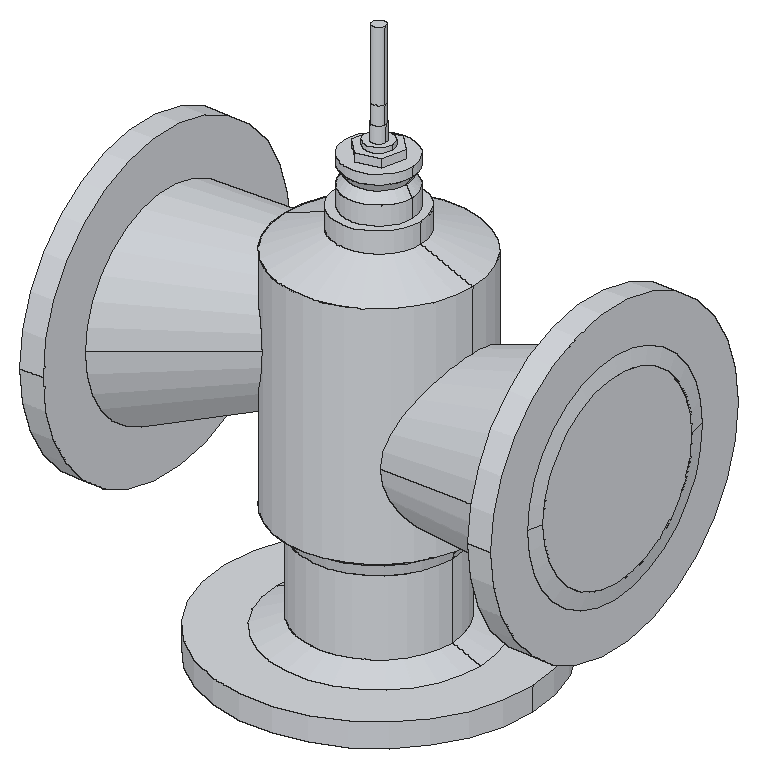
Revit family "3FGB_PN16_DN080_RFA_2019", category Pipe Accessories, Revit 2019
Family settings
  Round Connector Dimension = Use Diameter
  Part Type = Valve - Breaks Into
  Work Plane-Based = No
  Always vertical = Yes
  Cut with Voids When Loaded = No
  Shared = No
Parameters (values of type "3FGB PN16 DN080")
  magiProductId = ""
  magiProductFamilyId = ""
  magiPartTypeId = 320
  isMeasuringValve [instance] = no
  ang2D [instance] = 0.00°
  Z9 = 4.2 mm
  Z8 = 5.7 mm
  Z7 = 3 mm
  Z6 = 6 mm
  Z5 = 6 mm
  Z4 = 12 mm
  Z3 = 148.6 mm
  Z19 = 9.9 mm
  Z18 = 29.25 mm
  Z17 = 4.5 mm
  Z16 = 11.25 mm
  Z15 = 36.75 mm
  Z14__ve = -Z14  # -13.125 mm
  Z14 = 13.125 mm
  Z13 = 6.985 mm
  Z12 = 48.895 mm
  Z11 = 64 mm
  Z10 = 5.1 mm
  Y1 = 55.08 mm
  X4 = 15.3 mm
  X3 = 24.48 mm
  X2__ve = -X2  # -15.3 mm
  X2 = 15.3 mm
  X1 = 2 mm
  W2D = 80 mm
  VersionID = ""
  Use Minimum Symbol Size [instance] = no
  URL = "www.hydronix.cz"
  Type Comments = "Přírubový; EQM charakteristika ve směru A-AB; PN16; -10~+150°C"
  R9 = 4 mm
  R8 = 6.692 mm
  R7 = 8.923 mm
  R6 = 14.872 mm
  R5 = 17.626 mm
  R4 = 22.032 mm
  R3 = 27.54 mm
  R2 = 49.875 mm
  R13 = 47.88 mm
  R12 = 4.685 mm
  R11 = 9.034 mm
  R10 = 6.023 mm
  R1 = 39.9 mm
  QmdConnectorList = "301;D;302;D;303;D"
  Productdata [instance] = ""
  N = 4
  Manufacturer = "Hydronix"
  Maintenance Zone Under Depth [instance] = 187 mm
  Maintenance Zone Right Depth [instance] = 155 mm
  Maintenance Zone Over Depth [instance] = 210 mm
  Maintenance Zone Left Depth [instance] = 155 mm
  Maintenance Zone Front Depth [instance] = 100 mm
  Maintenance Zone Back Depth [instance] = 100 mm
  Maintenance Zone Front Visibility [instance] = no
  MT = 2
  MC Product Code = "3FGB80 (DN80; PN16; kvs100)"
  MC = yes
  LT2 = 155 mm
  L2D_Min = 30.48 mm
  L2D = 310 mm
  L = 310 mm
  HD = 18 mm
  HCDT2 = 66.5 mm
  HCD = 160 mm
  H4 = 155 mm
  H3 = 105 mm
  H2 = 45 mm
  H1 = 165 mm
  FDT2 = 100 mm
  FD = 200 mm
  Description = "3 cestný regulační ventil přírubový; DN80; PN16; kvs100; zdvih 45mm"
  DT2 = 40 mm
  D4 = 60.35 mm
  D3 = 71 mm
  D2 = 61.2 mm
  D = 80 mm
  CenSd_R6_6 = R6 * cos(30.00°)  # 12.879 mm
  Clearance Zone Height Depth [instance] = 210 mm
  Clearance Zone Circular Radius [instance] = 155 mm
  Clearance Zone Visibility [instance] = no
  CAT0 = yes
  CAT = no
  Assembly Code = ""
  A1 = 118.88 mm
Types (5, lengths in mm): name | Z9 | Z8 | Z6 | Z5 | Z4 | Z3 | Z19 | Z18 | Z17 | Z16 | Z15 | Z14__ve | Z14 | Z13 | Z12 | Z11 | Z10 | Y1 | X4 | X3 | X2__ve | X2 | W2D | R8 | R7 | R6 | R5 | R4 | R3 | R2 | R13 | R12 | R11 | R10 | R1 | N | Maintenance Zone Under Depth | Maintenance Zone Right Depth | Maintenance Zone Over Depth | Maintenance Zone Left Depth | Maintenance Zone Front Depth | Maintenance Zone Back Depth | MC Product Code | LT2 | L2D | L | HD | HCDT2 | HCD | H4 | H3 | H2 | H1 | FDT2 | FD | Description | DT2 | D4 | D3 | D2 | D | CenSd_R6_6 | Clearance Zone Height Depth | Clearance Zone Circular Radius | A1
  3FGB PN16 DN100 | 4.165 | 5.602 | 5.95 | 5.95 | 11.9 | 166.225 | 9.767 | 29.25 | 4.5 | 11.25 | 40.775 | -14.562 | 14.562 | 7.885 | 55.195 | 72 | 5.082 | 62.28 | 17.3 | 27.68 | -17.3 | 17.3 | 100 | 7.567 | 10.089 | 16.816 | 19.93 | 24.912 | 31.14 | 57.375 | 55.08 | 5.297 | 10.215 | 6.81 | 45.9 | 8 | 207 | 175 | 221 | 175 | 110 | 110 | "3FGB100 (DN100; PN16; kvs130)" | 175 | 350 | 350 | 18 | 76.5 | 180 | 175 | 116.5 | 45 | 176 | 110 | 220 | "3 cestný regulační ventil přírubový; DN100; PN16; kvs130; zdvih 45mm" | 50 | 68.85 | 81 | 69.2 | 100 | 14.563 | 221 | 175 | 132.98
  3FGB PN16 DN125 | 4.2 | 5.7 | 6 | 6 | 12 | 194.35 | 9.9 | 29.25 | 4.5 | 11.25 | 48.65 | -17.375 | 17.375 | 9.01 | 63.07 | 84 | 5.1 | 71.28 | 19.8 | 31.68 | -19.8 | 19.8 | 125 | 8.661 | 11.547 | 19.246 | 22.81 | 28.512 | 35.64 | 68.625 | 65.88 | 6.062 | 11.692 | 7.794 | 54.9 | 8 | 234 | 200 | 244 | 200 | 125 | 125 | "3FGB125 (DN125; PN16; kvs200)" | 200 | 400 | 400 | 18 | 91.5 | 210 | 200 | 139 | 45 | 199 | 125 | 250 | "3 cestný regulační ventil přírubový; DN125; PN16; kvs200; zdvih 45mm" | 62.5 | 81.6 | 96 | 79.2 | 125 | 16.667 | 244 | 200 | 155.48
  3FGB PN16 DN150 | 4.2 | 5.7 | 6 | 6 | 12 | 225.85 | 9.9 | 29.25 | 4.5 | 11.25 | 54.95 | -19.625 | 19.625 | 10.81 | 75.67 | 96 | 5.1 | 85.68 | 23.8 | 38.08 | -23.8 | 23.8 | 150 | 10.41 | 13.88 | 23.134 | 27.418 | 34.272 | 42.84 | 77.625 | 74.52 | 7.287 | 14.054 | 9.369 | 62.1 | 8 | 277 | 240 | 262 | 240 | 142.5 | 142.5 | "3FGB150 (DN150; PN16; kvs300)" | 240 | 480 | 480 | 22 | 103.5 | 240 | 240 | 157 | 45 | 217 | 142.5 | 285 | "3 cestný regulační ventil přírubový; DN150; PN16; kvs300; zdvih 45mm" | 75 | 92.65 | 109 | 95.2 | 150 | 20.034 | 262 | 240 | 180.68
  3FGB PN16 DN065 | 4.2 | 5.7 | 6 | 6 | 12 | 136.6 | 9.9 | 16.25 | 2.5 | 6.25 | 33.25 | -11.875 | 11.875 | 6.535 | 45.745 | 58 | 5.1 | 51.48 | 14.3 | 22.88 | -14.3 | 14.3 | 65 | 6.255 | 8.34 | 13.9 | 16.474 | 20.592 | 25.74 | 44.25 | 42.48 | 4.378 | 8.444 | 5.629 | 35.4 | 4 | 175 | 145 | 180 | 145 | 92.5 | 92.5 | "3FGB65 (DN65; PN16; kvs63)" | 145 | 290 | 290 | 18 | 59 | 145 | 145 | 95 | 25 | 155 | 92.5 | 185 | "3 cestný regulační ventil přírubový; DN65; PN16; kvs63; zdvih 25mm" | 32.5 | 53.975 | 63.5 | 57.2 | 65 | 12.037 | 180 | 145 | 109.28
  3FGB PN16 DN080 | 4.2 | 5.7 | 6 | 6 | 12 | 148.6 | 9.9 | 29.25 | 4.5 | 11.25 | 36.75 | -13.125 | 13.125 | 6.985 | 48.895 | 64 | 5.1 | 55.08 | 15.3 | 24.48 | -15.3 | 15.3 | 80 | 6.692 | 8.923 | 14.872 | 17.626 | 22.032 | 27.54 | 49.875 | 47.88 | 4.685 | 9.034 | 6.023 | 39.9 | 4 | 187 | 155 | 210 | 155 | 100 | 100 | "3FGB80 (DN80; PN16; kvs100)" | 155 | 310 | 310 | 18 | 66.5 | 160 | 155 | 105 | 45 | 165 | 100 | 200 | "3 cestný regulační ventil přírubový; DN80; PN16; kvs100; zdvih 45mm" | 40 | 60.35 | 71 | 61.2 | 80 | 12.879 | 210 | 155 | 118.88
Reference planes
  plane 1 "Center (Front/Back)": y = 0
  plane 2 "XYPLANE": z = 0
  plane 3 "Center (Left/Right)": x = 0
  plane 4 "227": z = -187
  plane 5 "226": y = 100
  plane 6 "225": y = -100
  plane 7 "224": x = 155
  plane 8 "223": x = -155
  plane 9 "222": z = 210
  plane 10 "182": z = 165
  plane 11 "161": z = 153
  plane 12 "158": z = 147.3
  plane 13 "150": z = 143.1
  plane 14 "148": z = 140.1
  plane 15 "142": z = 135
  plane 16 "136": z = 129
  plane 17 "135": z = 123
  plane 18 "131": z = 117
  plane 19 "78": z = 78.75
  plane 20 "77": z = 91.875
  plane 21 "74": z = 105
  plane 22 "70": z = -69.85
  plane 23 "65": z = -76.835
  plane 24 "64": z = -83.82
  plane 25 "58": z = -132.715
  plane 26 "57": z = -139.7
  plane 27 "46": z = -155
  plane 28 "28": x = 137.7
  plane 29 "27": x = 153
  plane 30 "21": z = -20
  plane 31 "16": z = 36.75
  plane 32 "13": x = -137.7
  plane 33 "7": x = -153
  plane 34 "6": x = 155
  plane 35 "5": x = -155
  plane 36 "3": y = 0
  plane 37 "2": z = 0
  plane 38 "1": x = 0
Forms (mm)
  Extrusion 1, solid, visible <- "Clearance Zone Visibility"
    sketch origin (-750, 0, 0) x (1, 0, 0) y (0, 1, 0)
      loop
        circle (750, 0) r 155
    from 0 to 210 <- "Clearance Zone Height Depth"
  Blend 2, solid, visible <- "Maintenance Zone Front Visibility"
    base sketch origin (-750, 0, 210) x (1, 0, 0) y (0, 1, 0)
      loop
        line (595, 100) -> (595, -100) -> (905, -100) -> (905, 100) -> (595, 100)
    top sketch origin (-750, 0, 210) x (1, 0, 0) y (0, 1, 0)
      loop
        line (595, 100) -> (595, -100) -> (905, -100) -> (905, 100) -> (595, 100)
    from 0 to -397
  Extrusion 3, solid
    sketch origin (-750, 0, 143.1) x (1, 0, 0) y (0, 1, 0)
      loop
        circle (750, 0) r 4.685
    from 0 to 9.9 <- "Z19"
  Extrusion 4, solid
    sketch origin (-750, 0, 165) x (1, 0, 0) y (0, 1, 0)
      loop
        circle (750, 0) r 4
    from 0 to 45 <- "H2"
  Extrusion 5, solid
    sketch origin (-750, 0, 153) x (1, 0, 0) y (0, 1, 0)
      loop
        circle (750, 0) r 4
    from 0 to 12 <- "Z4"
  Extrusion 6, solid
    sketch origin (-750, 0, 140.1) x (1, 0, 0) y (0, 1, 0)
      loop
        circle (750, 0) r 8.923
    from 0 to 3 <- "Z7"
  Extrusion 7, solid
    sketch origin (-750, 0, 135) x (1, 0, 0) y (0, 1, 0)
      loop
        line (760.516, -10.516) -> (764.365, 3.849) -> (753.849, 14.365) -> (739.484, 10.516) -> (735.635, -3.849) -> (746.151, -14.365) -> (760.516, -10.516)
    from 0 to 5.1 <- "Z10"
  Extrusion 8, solid
    sketch origin (-750, 0, 129) x (1, 0, 0) y (0, 1, 0)
      loop
        circle (750, 0) r 22.032
    from 0 to 6 <- "Z6"
  Blend 9, solid
    base sketch origin (-750, 0, 123) x (1, 0, 0) y (0, 1, 0)
      loop
        circle (750, 0) r 17.626
    top sketch origin (-750, 0, 123) x (1, 0, 0) y (0, 1, 0)
      loop
        circle (750, 0) r 22.032
    from 0 to 6
  Blend 10, solid
    base sketch origin (-750, 0, 117) x (1, 0, 0) y (0, 1, 0)
      loop
        circle (750, 0) r 22.032
    top sketch origin (-750, 0, 117) x (1, 0, 0) y (0, 1, 0)
      loop
        circle (750, 0) r 17.626
    from 0 to 6
  Extrusion 11, solid
    sketch origin (-750, 0, 105) x (1, 0, 0) y (0, 1, 0)
      loop
        circle (750, 0) r 22.032
    from 0 to 12 <- "Z4"
  Extrusion 12, solid
    sketch origin (-750, 0, 105) x (1, 0, 0) y (0, 1, 0)
      loop
        circle (750, 0) r 27.54
    from 0 to -13.125 <- "Z14__ve"
  Blend 13, solid
    base sketch origin (-750, 0, 78.75) x (1, 0, 0) y (0, 1, 0)
      loop
        circle (750, 0) r 61.2
    top sketch origin (-750, 0, 78.75) x (1, 0, 0) y (0, 1, 0)
      loop
        circle (750, 0) r 27.54
    from 0 to 13.125
  Blend 14, solid
    base sketch origin (-750, 0, -76.835) x (1, 0, 0) y (0, 1, 0)
      loop
        circle (750, 0) r 49.875
    top sketch origin (-750, 0, -76.835) x (1, 0, 0) y (0, 1, 0)
      loop
        circle (750, 0) r 61.2
    from 0 to 6.985
  Blend 15, solid
    base sketch origin (-750, 0, -83.82) x (1, 0, 0) y (0, 1, 0)
      loop
        circle (750, 0) r 47.88
    top sketch origin (-750, 0, -83.82) x (1, 0, 0) y (0, 1, 0)
      loop
        circle (750, 0) r 49.875
    from 0 to 6.985
  Extrusion 16, solid
    sketch origin (-750, 0, -132.715) x (1, 0, 0) y (0, 1, 0)
      loop
        circle (750, 0) r 47.88
    from 0 to 48.895 <- "Z12"
  Blend 17, solid
    base sketch origin (-750, 0, -139.7) x (1, 0, 0) y (0, 1, 0)
      loop
        circle (750, 0) r 66.5
    top sketch origin (-750, 0, -139.7) x (1, 0, 0) y (0, 1, 0)
      loop
        circle (750, 0) r 47.88
    from 0 to 6.985
  Extrusion 18, solid
    sketch origin (-750, 0, -155) x (1, 0, 0) y (0, 1, 0)
      loop
        circle (750, 0) r 100
    from 0 to 15.3 <- "X4"
  Blend 19, solid
    base sketch origin (153, -750, 0) x (0, 1, 0) y (0, 0, 1)
      loop
        circle (750, 0) r 71
    top sketch origin (153, -750, 0) x (0, 1, 0) y (0, 0, 1)
      loop
        circle (750, 0) r 60.35
    from 0 to 2
  Blend 20, solid
    base sketch origin (-155, -750, 0) x (0, 1, 0) y (0, 0, 1)
      loop
        circle (750, 0) r 60.35
    top sketch origin (-155, -750, 0) x (0, 1, 0) y (0, 0, 1)
      loop
        circle (750, 0) r 71
    from 0 to 2
  Extrusion 21, solid
    sketch origin (153, -750, 0) x (0, 1, 0) y (0, 0, 1)
      loop
        circle (750, 0) r 100
    from 0 to -15.3 <- "X2__ve"
  Blend 22, solid
    base sketch origin (0, -750, 0) x (0, 1, 0) y (0, 0, 1)
      loop
        circle (750, -20) r 39.9
    top sketch origin (0, -750, 0) x (0, 1, 0) y (0, 0, 1)
      loop
        circle (750, 0) r 66.5
    from 0 to 137.7
  Extrusion 23, solid
    sketch origin (-750, 0, -69.85) x (1, 0, 0) y (0, 1, 0)
      loop
        circle (750, 0) r 61.2
    from 0 to 148.6 <- "Z3"
  Blend 24, solid
    base sketch origin (-137.7, -750, 0) x (0, 1, 0) y (0, 0, 1)
      loop
        circle (750, 0) r 66.5
    top sketch origin (-137.7, -750, 0) x (0, 1, 0) y (0, 0, 1)
      loop
        circle (750, 36.75) r 39.9
    from 0 to 137.7
  Extrusion 25, solid
    sketch origin (-153, -750, 0) x (0, 1, 0) y (0, 0, 1)
      loop
        circle (750, 0) r 100
    from 0 to 15.3 <- "X2"
  Extrusion 26, solid, not visible
    sketch origin (-750, 0, -155) x (1, 0, 0) y (0, 1, 0)
      loop
        circle (750, 0) r 10
    from 0 to 10
  Extrusion 27, solid, not visible
    sketch origin (155, -750, 0) x (0, 1, 0) y (0, 0, 1)
      loop
        circle (750, 0) r 10
    from 0 to -10
  Extrusion 28, solid, not visible
    sketch origin (-155, -750, 0) x (0, 1, 0) y (0, 0, 1)
      loop
        circle (750, 0) r 10
    from 0 to 10
Lines and regions (mm)
  reference lines, not visible
    curve 1: circle (2, 2, 0) r 1 normal (0, 0, 1)
  reference lines
    curve 2: line (0, 0, 135) -> (2.176, 8.121, 135)
    curve 3: line (0, 0, 135) -> (-5.945, 5.945, 135)
    curve 4: line (0, 0, 135) -> (-8.121, -2.176, 135)
Dimensions and locks
  plane 1 "Center (Front/Back)" to curve 1 = 2 mm
  "Maintenance Zone Under Depth": plane 2 "XYPLANE" to plane 4 "227"
  "Maintenance Zone Back Depth": plane 1 "Center (Front/Back)" to plane 5 "226"
  "Maintenance Zone Front Depth": plane 1 "Center (Front/Back)" to plane 6 "225"
  "Maintenance Zone Right Depth": plane 3 "Center (Left/Right)" to plane 7 "224"
  "Maintenance Zone Left Depth": plane 3 "Center (Left/Right)" to plane 8 "223"
  "Maintenance Zone Over Depth": plane 2 "XYPLANE" to plane 9 "222"
  "Z4": plane 11 "161" to plane 10 "182"
  "Z8": plane 12 "158" to plane 11 "161"
  "Z9": plane 13 "150" to plane 12 "158"
  "Z7": plane 14 "148" to plane 13 "150"
  "Z10": plane 15 "142" to plane 14 "148"
  "Z6": plane 16 "136" to plane 15 "142"
  "Z5": plane 17 "135" to plane 16 "136"
  "Z5": plane 18 "131" to plane 17 "135"
  "Z4": plane 21 "74" to plane 18 "131"
  "Z14": plane 20 "77" to plane 19 "78"
  "Z14": plane 21 "74" to plane 20 "77"
  "H3": plane 2 "XYPLANE" to plane 21 "74"
  "Z13": plane 23 "65" to plane 22 "70"
  "Z13": plane 24 "64" to plane 23 "65"
  "Z12": plane 25 "58" to plane 24 "64"
  "Z13": plane 26 "57" to plane 25 "58"
  "X4": plane 27 "46" to plane 26 "57"
  "H4": plane 2 "XYPLANE" to plane 27 "46"
  "X2": plane 29 "27" to plane 28 "28"
  "X1": plane 34 "6" to plane 29 "27"
  locked: plane 37 "2" to plane 30 "21" at 20
  "Z15": plane 37 "2" to plane 31 "16"
  "X2": plane 33 "7" to plane 32 "13"
  "X1": plane 35 "5" to plane 33 "7"
  "LT2": plane 3 "Center (Left/Right)" to plane 34 "6"
  "LT2": plane 3 "Center (Left/Right)" to plane 35 "5"
  locked: plane 1 "Center (Front/Back)" to plane 36 "3"
  locked: plane 2 "XYPLANE" to plane 37 "2"
  locked: plane 3 "Center (Left/Right)" to plane 38 "1"
  Blend 2 sketch curve to Blend 2 sketch curve = 0 mm  (x16)
  "CenSd_R6_6": curve 2 to Extrusion 7 sketch curve  (x2)
  "CenSd_R6_6": curve 3 to Extrusion 7 sketch curve  (x2)
  "CenSd_R6_6": curve 4 to Extrusion 7 sketch curve  (x2)
  Extrusion 7 sketch curve to Extrusion 7 sketch curve = 0 mm  (x12)
  "Clearance Zone Circular Radius": radius of Extrusion 1 sketch curve
  "R12": radius of Extrusion 3 sketch curve
  "R9": radius of Extrusion 4 sketch curve
  "R9": radius of Extrusion 5 sketch curve
  "R7": radius of Extrusion 6 sketch curve
  "R4": radius of Extrusion 8 sketch curve
  "R4": radius of Blend 9 sketch curve
  "R5": radius of Blend 9 sketch curve
  "R5": radius of Blend 10 sketch curve
  "R4": radius of Blend 10 sketch curve
  "R4": radius of Extrusion 11 sketch curve
  "R3": radius of Extrusion 12 sketch curve
  "R3": radius of Blend 13 sketch curve
  "D2": radius of Blend 13 sketch curve
  "D2": radius of Blend 14 sketch curve
  "R2": radius of Blend 14 sketch curve
  "R2": radius of Blend 15 sketch curve
  "R13": radius of Blend 15 sketch curve
  "R13": radius of Extrusion 16 sketch curve
  "R13": radius of Blend 17 sketch curve
  "HCDT2": radius of Blend 17 sketch curve
  "FDT2": radius of Extrusion 18 sketch curve
  "D4": radius of Blend 19 sketch curve
  "D3": radius of Blend 19 sketch curve
  "D3": radius of Blend 20 sketch curve
  "D4": radius of Blend 20 sketch curve
  "FDT2": radius of Extrusion 21 sketch curve
  "HCDT2": radius of Blend 22 sketch curve
  "R1": radius of Blend 22 sketch curve
  "D2": radius of Extrusion 23 sketch curve
  "R1": radius of Blend 24 sketch curve
  "HCDT2": radius of Blend 24 sketch curve
  "FDT2": radius of Extrusion 25 sketch curve
  locked: curve 3 to curve 2 (angle 60.00°)
  locked: curve 4 to curve 3 (angle 60.00°)
  locked: curve 4 to curve 2 (angle 120.00°)
  aligned and locked: level to plane 2 "XYPLANE"
  aligned and locked: plane 36 "3" to Extrusion 1 sketch curve
  aligned and locked: plane 38 "1" to Extrusion 1 sketch curve
  aligned and locked: Blend 2 sketch curve to plane 8 "223"  (x2)
  aligned and locked: plane 5 "226" to Blend 2 sketch curve  (x4)
  aligned and locked: plane 6 "225" to Blend 2 sketch curve  (x4)
  aligned and locked: plane 8 "223" to Blend 2 sketch curve  (x2)
  aligned and locked: plane 7 "224" to Blend 2 sketch curve  (x4)
  aligned and locked: Blend 2 to plane 4 "227"
  aligned and locked: plane 36 "3" to Extrusion 3 sketch curve
  aligned and locked: plane 38 "1" to Extrusion 3 sketch curve
  aligned and locked: plane 36 "3" to Extrusion 4 sketch curve
  aligned and locked: plane 38 "1" to Extrusion 4 sketch curve
  aligned and locked: plane 36 "3" to Extrusion 5 sketch curve
  aligned and locked: plane 38 "1" to Extrusion 5 sketch curve
  aligned and locked: plane 36 "3" to Extrusion 6 sketch curve
  aligned and locked: plane 38 "1" to Extrusion 6 sketch curve
  aligned and locked: plane 36 "3" to curve 3
  aligned and locked: plane 38 "1" to curve 4
  aligned and locked: plane 36 "3" to Extrusion 8 sketch curve
  aligned and locked: plane 38 "1" to Extrusion 8 sketch curve
  aligned and locked: plane 36 "3" to Blend 9 sketch curve  (x2)
  aligned and locked: plane 38 "1" to Blend 9 sketch curve  (x2)
  aligned and locked: plane 16 "136" to Blend 9
  aligned and locked: plane 36 "3" to Blend 10 sketch curve  (x2)
  aligned and locked: plane 38 "1" to Blend 10 sketch curve  (x2)
  aligned and locked: plane 17 "135" to Blend 10
  aligned and locked: plane 36 "3" to Extrusion 11 sketch curve
  aligned and locked: plane 38 "1" to Extrusion 11 sketch curve
  aligned and locked: plane 36 "3" to Extrusion 12 sketch curve
  aligned and locked: plane 38 "1" to Extrusion 12 sketch curve
  aligned and locked: plane 36 "3" to Blend 13 sketch curve  (x2)
  aligned and locked: plane 38 "1" to Blend 13 sketch curve  (x2)
  aligned and locked: plane 20 "77" to Blend 13
  aligned and locked: plane 36 "3" to Blend 14 sketch curve  (x2)
  aligned and locked: plane 38 "1" to Blend 14 sketch curve  (x2)
  aligned and locked: plane 22 "70" to Blend 14
  aligned and locked: plane 36 "3" to Blend 15 sketch curve  (x2)
  aligned and locked: plane 38 "1" to Blend 15 sketch curve  (x2)
  aligned and locked: plane 23 "65" to Blend 15
  aligned and locked: plane 36 "3" to Extrusion 16 sketch curve
  aligned and locked: plane 38 "1" to Extrusion 16 sketch curve
  aligned and locked: plane 36 "3" to Blend 17 sketch curve  (x2)
  aligned and locked: plane 38 "1" to Blend 17 sketch curve  (x2)
  aligned and locked: plane 25 "58" to Blend 17
  aligned and locked: plane 36 "3" to Extrusion 18 sketch curve
  aligned and locked: plane 38 "1" to Extrusion 18 sketch curve
  aligned and locked: Blend 19 sketch curve to plane 36 "3"  (x2)
  aligned and locked: plane 37 "2" to Blend 19 sketch curve  (x2)
  aligned and locked: plane 34 "6" to Blend 19
  aligned and locked: Blend 20 sketch curve to plane 36 "3"  (x2)
  aligned and locked: plane 37 "2" to Blend 20 sketch curve  (x2)
  aligned and locked: plane 33 "7" to Blend 20
  aligned and locked: Extrusion 21 sketch curve to plane 36 "3"
  aligned and locked: plane 37 "2" to Extrusion 21 sketch curve
  aligned and locked: Blend 22 sketch curve to plane 36 "3"  (x2)
  aligned and locked: plane 37 "2" to Blend 22 sketch curve
  aligned and locked: plane 30 "21" to Blend 22 sketch curve
  aligned and locked: plane 28 "28" to Blend 22
  aligned and locked: plane 36 "3" to Extrusion 23 sketch curve
  aligned and locked: plane 38 "1" to Extrusion 23 sketch curve
  aligned and locked: plane 31 "16" to Blend 24 sketch curve
  aligned and locked: plane 36 "3" to Blend 24 sketch curve
  aligned and locked: Blend 24 sketch curve to plane 36 "3"
  aligned and locked: plane 37 "2" to Blend 24 sketch curve
  aligned and locked: plane 38 "1" to Blend 24
  aligned and locked: Extrusion 25 sketch curve to plane 36 "3"
  aligned and locked: plane 37 "2" to Extrusion 25 sketch curve
  aligned and locked: plane 36 "3" to Extrusion 26 sketch curve
  aligned and locked: plane 38 "1" to Extrusion 26 sketch curve
  aligned and locked: Extrusion 27 sketch curve to plane 36 "3"
  aligned and locked: plane 37 "2" to Extrusion 27 sketch curve
  aligned and locked: Extrusion 28 sketch curve to plane 36 "3"
  aligned and locked: plane 37 "2" to Extrusion 28 sketch curve
Automatic sketch dimensions
  plane 1 "Center (Front/Back)" to curve 4 = 2.176 mm
  plane 1 "Center (Front/Back)" to Extrusion 26 sketch curve = 10 mm
  plane 1 "Center (Front/Back)" to Extrusion 27 sketch curve = 10 mm
  plane 1 "Center (Front/Back)" to Extrusion 28 sketch curve = 10 mm
  plane 3 "Center (Left/Right)" to curve 1 = 2 mm
  radius of curve 1 = 1 mm
Connectors
  piping at (-155, 0, 0), diameter 80, driven by "D"
    settings: on Extrusion 28, index 1, connector inside diameter 609.6 mm, connector length 0 mm, flow factor 0, pipe flow 0.0 L/s, pressure drop 0.0 Pa, fitting loss kfactor 0, connector angle 0.00°, fixture units 0, engagement length 0 mm, angle of deflection 0.00°, flow configuration 0, flow direction 0, fitting loss method 0, system type 29, joint type 0, gender type 0, connector reference index -1, connector utility 0, adjustable connector yes, is connector primary yes, connector description ""
  piping at (155, 0, 0), diameter 80, driven by "D"
    settings: on Extrusion 27, index 2, connector inside diameter 609.6 mm, connector length 0 mm, flow factor 0, pipe flow 0.0 L/s, pressure drop 0.0 Pa, fitting loss kfactor 0, connector angle 0.00°, fixture units 0, engagement length 0 mm, angle of deflection 0.00°, flow configuration 0, flow direction 0, fitting loss method 0, system type 29, joint type 0, gender type 0, connector reference index -1, connector utility 0, adjustable connector yes, is connector primary no, connector description ""
  piping at (0, 0, -155), diameter 80, driven by "D"
    settings: on Extrusion 26, index 3, connector inside diameter 609.6 mm, connector length 0 mm, flow factor 0, pipe flow 0.0 L/s, pressure drop 0.0 Pa, fitting loss kfactor 0, connector angle 0.00°, fixture units 0, engagement length 0 mm, angle of deflection 0.00°, flow configuration 0, flow direction 0, fitting loss method 0, system type 29, joint type 0, gender type 0, connector reference index -1, connector utility 0, adjustable connector yes, is connector primary no, connector description ""
